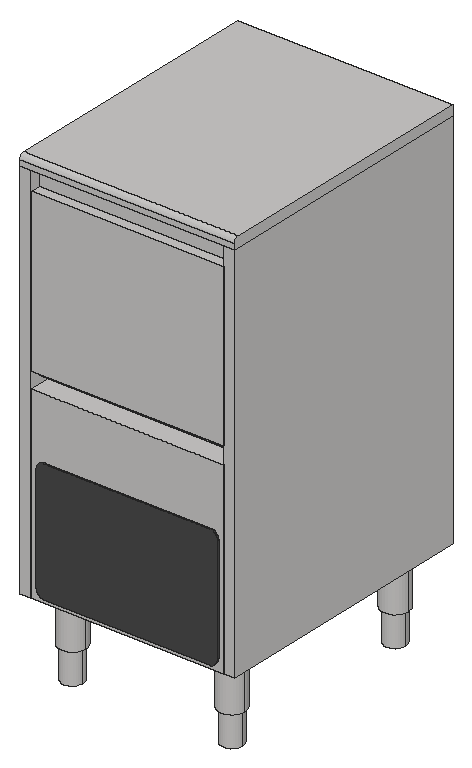
Revit family "QF_ELECTROLUXPROFESSIONAL_730319_ICB32I15SDP", category Attrezzature speciali, Revit 2018
Family settings
  Quota connettore circolare = Usa diametro
  Tipo di parte = Normale
  Basato su piano di lavoro = No
  Sempre verticale = Sì
  Taglio con vuoti quando caricato = No
  Condiviso = No
  Punto di calcolo locali = No
Parameters (values of type "Standard")
  Weight = 40.00 kg
  Watts = 1000 W
  Volts = 220 V
  URL Manufacturer = "https://www.electroluxprofessional.com/"
  URL = "https://www.electroluxprofessional.com/"
  Steam Supply Size = 0 mm
  Steam Supply Minimum Pressure = 0.0 Pa
  Steam Supply Maximum Pressure = 0.0 Pa
  Steam Pounds per Hour = 0
  Show Logo [instance] = yes
  Show Clearance [instance] = yes
  Refrigeration Suction Line Size = 0 mm
  Refrigeration Liquid Line Size = 0 mm
  Refrigerant Compressor Remote = yes
  Produttore = "Electrolux Professional"
  Phase = 1
  Modello = "ICB32I15SDP"
  Length Actual = 405 mm  # constant formula
  Item Number = "730319"
  Hot Water Size = 0 mm
  Height Actual = 849 mm  # constant formula
  HP = "1.3 HP"
  Gas Size = 0 mm
  Gas KW = 0
  Gas Input Pressure = 0 W
  Descrizione = "AIR COOLED ICE CUBER 22GR 32KG/24H-BIN 15KG DRAIN PUMP"
  Depth Actual = 515 mm  # constant formula
  Cycle = 50 Hz
  Condensate Return Size = 0 mm
  Compressed Air Volume = 0.0 L/s
  Compressed Air Size = 0 mm
  Compressed Air Pressure = 0.0 Pa
  Cold Water Size = 19.05 mm
  Accessory = yes
Reference planes
  plane 1 "Center X": y = 272.851
  plane 2: z = 0
  plane 3 "Center Y": x = -501.5
  plane 4 "LEFT": x = -704
  plane 5 "RIGHT": x = -299
  plane 6 "FRONT": y = 15.351
  plane 7 "BACK": y = 530.351
  plane 8: z = 152
  plane 9: z = 896
  plane 10: z = 876
  plane 11: x = -684
  plane 12: x = -319
  plane 13: y = 55.351
Forms (mm)
  Extrusion 1, solid, material "QF_Finishes_Black"
    sketch origin (-217.296, 15.251, 371.513) x (-1, 0, 0) y (0, 0, -1)
      loop
        arc (439.204, -18.487) -> (449.811, -14.093) -> (454.204, -3.487) r 15
        line (454.204, -3.487) -> (454.204, 197.469)
        arc (454.204, 197.469) -> (449.811, 208.075) -> (439.204, 212.469) r 15
        line (439.204, 212.469) -> (126.938, 212.469)
        arc (126.938, 212.469) -> (116.331, 208.075) -> (111.938, 197.469) r 15
        line (111.938, 197.469) -> (111.938, -3.487)
        arc (111.938, -3.487) -> (116.331, -14.093) -> (126.938, -18.487) r 15
        line (126.938, -18.487) -> (439.204, -18.487)
    from 0 to 2
  Extrusion 2, solid, material "QF_Finishes_Stainless Steel"
    sketch origin (-501.5, 0, 0) x (0, 1, 0) y (0, 0, 1)
      loop
        line (530.351, 876) -> (530.351, 896) -> (25.351, 896)
        arc (25.351, 896) -> (18.28, 893.071) -> (15.351, 886) r 10
        line (15.351, 886) -> (15.351, 876) -> (530.351, 876)
    from -202.5 to 202.5
  Extrusion 3, solid, material "QF_Finishes_Stainless Steel"
    sketch origin (-268.7, 530.351, -324.545) x (1, 0, 0) y (0, 0, -1)
      loop
        circle (-76.8, -652.545) r 10
    from 0 to 10
  Extrusion 4, solid, material "QF_Finishes_Stainless Steel"
    sketch origin (0, 0, 0) x (1, 0, 0) y (0, 1, 0)
      loop
        line (-704, 530.351) -> (-704, 15.351) -> (-684, 15.351) -> (-684, 530.351) -> (-704, 530.351)
    from 152 to 876
  Extrusion 5, solid, material "QF_Finishes_Stainless Steel"
    sketch origin (0, 0, 0) x (1, 0, 0) y (0, 1, 0)
      loop
        line (-319, 530.351) -> (-319, 15.351) -> (-299, 15.351) -> (-299, 530.351) -> (-319, 530.351)
    from 152 to 876
  Extrusion 6, solid, material "QF_Finishes_Stainless Steel"
    sketch origin (0, 0, 0) x (1, 0, 0) y (0, 1, 0)
      loop
        line (-684, 530.351) -> (-684, 55.351) -> (-319, 55.351) -> (-319, 530.351) -> (-684, 530.351)
    from 152 to 876
  Extrusion 7, solid, material "QF_Finishes_Stainless Steel"
    sketch origin (0, 0, 0) x (1, 0, 0) y (0, 1, 0)
      loop
        line (-684, 15.351) -> (-319, 15.351) -> (-319, 55.351) -> (-684, 55.351) -> (-684, 15.351)
    from 152 to 506.229
  Extrusion 8, solid, material "QF_Finishes_Stainless Steel"
    sketch origin (-501.5, 0, 0) x (0, 1, 0) y (0, 0, 1)
      loop
        line (55.351, 876) -> (35.351, 876) -> (35.351, 840) -> (15.351, 840) -> (15.351, 536.768) -> (35.351, 536.768) -> (35.351, 521) -> (55.351, 521) -> (55.351, 876)
    from -182.5 to 182.5
  Extrusion 9, solid, material "QF_Finishes_Stainless Steel"
    sketch origin (-263.2, 530.351, -450.545) x (1, 0, 0) y (0, 0, -1)
      loop
        circle (-76.8, -652.545) r 10
    from 0 to 10
  Extrusion 10, solid, material "QF_Finishes_Stainless Steel"
    sketch origin (-288.7, 530.351, -377.545) x (1, 0, 0) y (0, 0, -1)
      loop
        circle (-76.8, -652.545) r 10
    from 0 to 10
Lines and regions (mm)
  Split face 1
    outline origin (-501.5, 35.351, 876) x (0, 0, -1) y (1, 0, 0)
      loop
        line (5.715, 59.928) -> (30.715, 59.928) -> (30.715, 99.928) -> (5.715, 99.928) -> (5.715, 59.928)
  symbolic lines
    curve 1: line (-704, 530.351, 0) -> (-299, 530.351, 0)
    curve 2: line (-704, 15.351, 0) -> (-704, 530.351, 0)
    curve 3: line (-299, 15.351, 0) -> (-704, 15.351, 0)
    curve 4: line (-299, 530.351, 0) -> (-299, 15.351, 0)
Dimensions and locks
  equal spacing: plane 4 "LEFT", plane 3 "Center Y", plane 5 "RIGHT"
  plane 4 "LEFT" to plane 5 "RIGHT" = 405 mm
  equal spacing: plane 7 "BACK", plane 1 "Center X", plane 6 "FRONT"
  plane 7 "BACK" to plane 6 "FRONT" = 515 mm
  plane 8 to plane 2 = 152 mm
  plane 9 to plane 8 = 744 mm
  locked: plane 4 "LEFT" to plane 11 at 20
  locked: plane 12 to plane 5 "RIGHT" at 20
  locked: plane 9 to plane 10 at 20
  locked: plane 13 to plane 6 "FRONT" at 40
  aligned and locked: level to plane 2
  aligned and locked: plane 5 "RIGHT" to Extrusion 2
  aligned and locked: Extrusion 2 to plane 4 "LEFT"
  aligned and locked: Extrusion 4 sketch curve to Extrusion 2  (x2)
  aligned and locked: plane 6 "FRONT" to Extrusion 4 sketch curve
  aligned and locked: Extrusion 4 sketch curve to plane 11
  aligned and locked: Extrusion 5 sketch curve to plane 7 "BACK"
  aligned and locked: plane 12 to Extrusion 5 sketch curve
  aligned and locked: Extrusion 5 sketch curve to Extrusion 2  (x2)
  aligned and locked: plane 10 to Extrusion 4
  aligned and locked: plane 10 to Extrusion 5
  aligned and locked: Extrusion 4 to plane 8
  aligned and locked: Extrusion 5 to plane 8
  aligned and locked: Extrusion 6 sketch curve to Extrusion 4
  aligned and locked: Extrusion 4 to Extrusion 6 sketch curve
  aligned and locked: plane 13 to Extrusion 6 sketch curve
  aligned and locked: Extrusion 6 sketch curve to plane 12
  aligned and locked: plane 10 to Extrusion 6
  aligned and locked: Extrusion 6 to plane 8
  aligned and locked: Extrusion 4 to Extrusion 7 sketch curve
  aligned and locked: Extrusion 7 sketch curve to Extrusion 4
  aligned and locked: plane 13 to Extrusion 7 sketch curve
  aligned and locked: plane 12 to Extrusion 7 sketch curve
  aligned and locked: Extrusion 7 to plane 8
  aligned and locked: plane 12 to Extrusion 8
  aligned and locked: Extrusion 8 to plane 11
Automatic sketch dimensions
  curve 3 to plane 4 "LEFT" = 0 mm
  curve 3 to plane 5 "RIGHT" = 0 mm
  curve 3 to plane 6 "FRONT" = 0 mm
  curve 2 to plane 7 "BACK" = 0 mm
  Extrusion 1 sketch curve to plane 12 = 10.234 mm
  plane 8 to Extrusion 1 sketch curve = 7.044 mm
  Extrusion 1 sketch curve to Extrusion 1 sketch curve = 15 mm  (x3)
  plane 11 to Extrusion 1 sketch curve = 27.5 mm  (x2)
  Extrusion 1 sketch curve to Extrusion 1 sketch curve = 200.956 mm
  Extrusion 2 sketch curve to plane 6 "FRONT" = 0 mm
  Extrusion 2 sketch curve to plane 9 = 0 mm
  Extrusion 2 sketch curve to plane 7 "BACK" = 0 mm
  Extrusion 2 sketch curve to plane 10 = 0 mm
  plane 6 "FRONT" to Extrusion 2 sketch curve = 10 mm
  Extrusion 6 to Extrusion 3 sketch curve = 176 mm
  Extrusion 3 sketch curve to Extrusion 6 = 26.5 mm
  Extrusion 8 sketch curve to plane 6 "FRONT" = 0 mm
  Extrusion 8 sketch curve to plane 10 = 0 mm
  Extrusion 8 sketch curve to plane 13 = 0 mm
  plane 6 "FRONT" to Extrusion 8 sketch curve = 20 mm  (x2)
  Extrusion 8 sketch curve to plane 10 = 36 mm
  Extrusion 8 sketch curve to Extrusion 8 sketch curve = 303.232 mm
  Extrusion 8 sketch curve to Extrusion 8 sketch curve = 15.768 mm
  Split face 1 sketch curve to Extrusion 8 = 5.715 mm
  Extrusion 8 to Split face 1 sketch curve = 5.285 mm
  Split face 1 sketch curve to Extrusion 8 = 122.572 mm
  Split face 1 sketch curve to Split face 1 sketch curve = 40 mm
  Extrusion 9 sketch curve to Extrusion 6 = 21 mm
  Extrusion 6 to Extrusion 9 sketch curve = 50 mm
  Extrusion 10 sketch curve to Extrusion 6 = 46.5 mm
  Extrusion 6 to Extrusion 10 sketch curve = 123 mm
  radius of Extrusion 3 sketch curve = 10 mm
  radius of Extrusion 9 sketch curve = 10 mm
  radius of Extrusion 10 sketch curve = 10 mm
Nested families
  nested 1: "Foot_Complete" at (-652, 74.251, 0), type "Foot_Complete"
    with H 152 mm
  nested 2: "Foot_Complete" at (-351, 74.251, 0) x (-1, 0, 0) z (0, 0, 1), type "Foot_Complete"
    with H 152 mm
  nested 3: "Foot_Complete" at (-652, 459.451, 0), type "Foot_Complete"
    with H 152 mm
  nested 4: "Foot_Complete" at (-351, 459.451, 0) x (-1, 0, 0) z (0, 0, 1), type "Foot_Complete"
    with H 152 mm
Connectors
  electrical at (-340, 540.351, 202), driven by "Volts"
    settings: on Extrusion 9, index 1, voltage 220 V, apparent load 0 VA, apparent load phase1 0 VA, apparent load phase2 0 VA, apparent load phase3 0 VA, power factor 1, load classification "Altro", number of poles 1, system type 30, power factor state 1, is connector primary yes, connector utility no, sub classification motor no, connector description "Electrical Connection"
  piping at (-345.5, 540.351, 328), diameter 20
    settings: on Extrusion 3, index 2, connector inside diameter 609.6 mm, connector length 0 mm, flow factor 0, pipe flow 0.0 L/s, pressure drop 0.0 Pa, fitting loss kfactor 0, connector angle 0.00°, fixture units 0, engagement length 0 mm, angle of deflection 0.00°, flow configuration 0, flow direction 0, fitting loss method 0, system type 20, joint type 0, gender type 0, connector reference index -1, connector utility 0, adjustable connector no, is connector primary yes, connector description "Cold water"
  piping at (-365.5, 540.351, 275), diameter 20
    settings: on Extrusion 10, index 3, connector inside diameter 609.6 mm, connector length 0 mm, flow factor 0, pipe flow 0.0 L/s, pressure drop 0.0 Pa, fitting loss kfactor 0, connector angle 0.00°, fixture units 0, engagement length 0 mm, angle of deflection 0.00°, flow configuration 0, flow direction 0, fitting loss method 0, system type 16, joint type 0, gender type 0, connector reference index -1, connector utility 0, adjustable connector no, is connector primary no, connector description "Drain"
Definition of nested family "Foot_Complete"
  Parameters (values of type "Foot_Complete")
    R = 25 mm
    H = 153 mm
  Reference planes
    plane 1 "Centro (Fronte/Retro)": y = 0
    plane 2: z = 0
    plane 3 "Centro (Sinistra/Destra)": x = 0
    plane 4: z = 153
  Forms (mm)
    Revolve 1, solid
      sketch origin (255.05, 0, 608.09) x (0, 0, 1) y (-1, 0, 0)
        loop
          line (-608.09, 255.05) -> (-608.09, 235.05) -> (-548.09, 235.05) -> (-548.09, 230.05) -> (-455.09, 230.05) -> (-455.09, 255.05) -> (-608.09, 255.05)
        axis (-608.09, 255.05) -> (-455.09, 255.05)
      angle from 0 to 360
  Dimensions and locks
    level to Revolve 1 sketch curve = 60 mm
    "R": Revolve 1 sketch curve to plane 3 "Centro (Sinistra/Destra)"
    "H": plane 4 to level
    aligned and locked: level to plane 2
    aligned and locked: plane 4 to Revolve 1 sketch curve
    aligned and locked: Revolve 1 sketch curve to level
    aligned and locked: plane 3 "Centro (Sinistra/Destra)" to Revolve 1 sketch curve
  Automatic sketch dimensions
    Revolve 1 sketch curve to plane 3 "Centro (Sinistra/Destra)" = 0 mm
    plane 3 "Centro (Sinistra/Destra)" to Revolve 1 sketch curve = 20 mm
    Revolve 1 sketch curve to Revolve 1 sketch curve = 50 mm
    Revolve 1 sketch curve to Revolve 1 sketch curve = 20 mm
